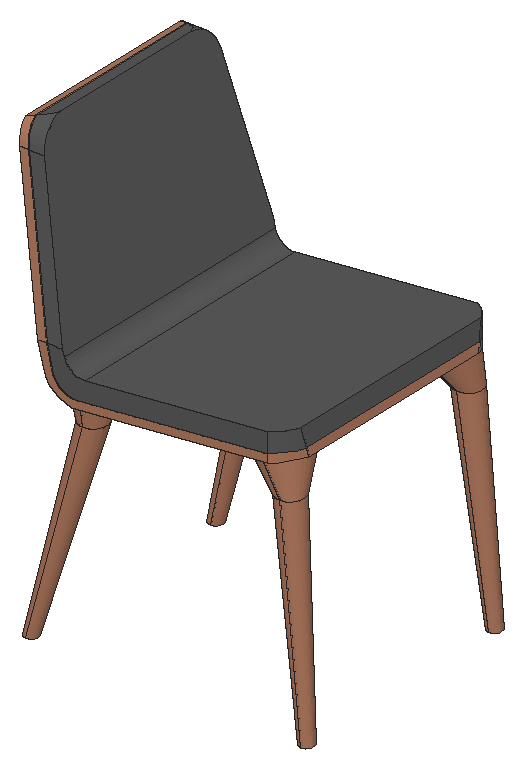
Revit family "Furniture_Chair_PIT 2 284.02", category Furniture, Revit 2019
Family settings
  OmniClass Number = 23.21.23.15.17
  Work Plane-Based = Yes
  Always vertical = No
  Cut with Voids When Loaded = No
  Shared = No
  Room Calculation Point = No
Parameters (values of type "PIT 2 284.02")
  Youtube clip = ""
  Uniformat II Description = "Movable Furnishings"
  Uniformat II Code = ""
  Uniclass 2015 Name = ""
  Uniclass 2015 Code = ""
  Uniclass 2.0 Description = ""
  Uniclass 2.0 Code = ""
  Uniclass 1.4 Description = ""
  Uniclass 1.4 Code = ""
  UNSPSC Code = ""
  Technical description = ""
  Shell Material = Leather - Black
  Frame Material = Wood - Oak Light Stain R 3.102
  Region South America = "All"
  Region Oceania = "All"
  Region North America = "All"
  Region Middle East = "All"
  Region Europe = "All"
  Region Asia = "All"
  Region Antarctica = "All"
  Region Africa = "All"
  QR code = "https://www.sandlerseating.com/product/pit-2-284-02/"
  Product url = "https://www.sandlerseating.com/product/pit-2-284-02/"
  Product name = "PIT 2 284.02"
  Product group = "Chair"
  Product family = "Furniture"
  Product data url = "https://www.sandlerseating.com/product/pit-2-284-02/"
  Product certification = ""
  Product SKU = "??"
  Product Guid = "??"
  OmniClass Description = ""
  OmniClass Code = "23-21 23 15 17"
  NBS Reference Description = ""
  NBS Reference Code = ""
  Model = "PIT 2 284.02"
  Masterformat 2014 Description = "Chair Mats"
  Masterformat 2014 Code = "12 48 43.13"
  Manufacturer name = "Sandler"
  Manufacturer country = "USA"
  Manufacturer = "Sandler"
  Installation instructions = ""
  IFC Classification = "Furnishing Element"
  GTIN code = ""
  Edition number = 1
  Design country = "Brasil"
  Description = "Chair"
  Default Elevation = 0.000 mm
  Date of publishing = ""
  COBIe Type Category = ""
  Brand url = "https://www.sandlerseating.com/"
  BIMobject main category code = "furniture"
  BIMobject main category = "Furniture"
  BIMobject category code = "furniture-chair"
  BIMobject category = "Chair"
Reference planes
  plane 1 "Center Front/Back": y = 0
  plane 2: z = 0
  plane 3 "Center Left/Right": x = 0
Dimensions and locks
  aligned and locked: level to plane 2
Nested families
  nested 1: "BS01 - Pit" at (0, 0, 0) x (0, 1, 0) z (0, 0, 1), Frame Material <- "Frame Material", type "BS01 - Pit"
    with Frame Material Wood - Oak Light Stain R 3.102
  nested 2: "TP03 - Pit" at (0, 0, -1.06) x (0, 1, 0) z (0, 0, 1), Seat Material <- "Shell Material", Frame Material <- "Frame Material", type "TP03 - Pit"
    with Seat Material Leather - Black, Frame Material Wood - Oak Light Stain R 3.102
Definition of nested family "BS01 - Pit"
  Parameters (values of type "BS01 - Pit")
    Frame Material [instance] = none
  Reference planes
    plane 1 "Center (Front/Back)": y = 0
    plane 2: z = 0
    plane 3 "Center (Left/Right)": x = 0
  Forms (mm)
    Blend 1, solid, material <- "Frame Material"
      base sketch origin (0, 0, 238.7) x (-1, 0, 0) y (0, -1, 0)
        loop
          circle (184.779, 198.046) r 52.633
      top sketch origin (0, 0, 238.7) x (-1, 0, 0) y (0, -1, 0)
        loop
          circle (203.545, 227.027) r 25
      from 225.744 to 153.836
    Blend 2, solid, material <- "Frame Material"
      base sketch origin (0, 0, 238.7) x (-1, 0, 0) y (0, -1, 0)
        loop
          circle (203.545, 227.027) r 25
      top sketch origin (0, 0, 238.7) x (-1, 0, 0) y (0, -1, 0)
        loop
          circle (215.456, 265.935) r 12.937
      from 153.836 to -238.7
    Blend 3, solid, material <- "Frame Material"
      base sketch origin (0, 0, 238.7) x (-1, 0, 0) y (0, -1, 0)
        loop
          circle (190.873, -139.965) r 44.198
      top sketch origin (0, 0, 238.7) x (-1, 0, 0) y (0, -1, 0)
        loop
          circle (195.202, -139.965) r 25
      from 225.778 to 141.3
    Blend 4, solid, material <- "Frame Material"
      base sketch origin (0, 0, 238.7) x (-1, 0, 0) y (0, -1, 0)
        loop
          circle (195.202, -139.965) r 25
      top sketch origin (0, 0, 238.7) x (-1, 0, 0) y (0, -1, 0)
        loop
          circle (211.725, -241.334) r 12.647
      from 141.3 to -238.7
    Blend 5, solid, material <- "Frame Material"
      base sketch origin (0, 0, 238.7) x (1, 0, 0) y (0, 1, 0)
        loop
          circle (184.779, -198.046) r 52.633
      top sketch origin (0, 0, 238.7) x (1, 0, 0) y (0, 1, 0)
        loop
          circle (203.545, -227.027) r 25
      from 225.744 to 153.836
    Blend 6, solid, material <- "Frame Material"
      base sketch origin (0, 0, 238.7) x (1, 0, 0) y (0, 1, 0)
        loop
          circle (203.545, -227.027) r 25
      top sketch origin (0, 0, 238.7) x (1, 0, 0) y (0, 1, 0)
        loop
          circle (215.456, -265.935) r 12.937
      from 153.836 to -238.7
    Blend 7, solid, material <- "Frame Material"
      base sketch origin (0, 0, 238.7) x (1, 0, 0) y (0, 1, 0)
        loop
          circle (190.873, 139.965) r 44.198
      top sketch origin (0, 0, 238.7) x (1, 0, 0) y (0, 1, 0)
        loop
          circle (195.202, 139.965) r 25
      from 225.778 to 141.3
    Blend 8, solid, material <- "Frame Material"
      base sketch origin (0, 0, 238.7) x (1, 0, 0) y (0, 1, 0)
        loop
          circle (195.202, 139.965) r 25
      top sketch origin (0, 0, 238.7) x (1, 0, 0) y (0, 1, 0)
        loop
          circle (211.725, 241.334) r 12.647
      from 141.3 to -238.7
  Dimensions and locks
    aligned and locked: level to plane 2
Definition of nested family "TP03 - Pit"
  Parameters (values of type "TP03 - Pit")
    Seat Material [instance] = none
    Frame Material [instance] = none
  Reference planes
    plane 1 "Center (Front/Back)": y = 0
    plane 2: z = 0
    plane 3 "Center (Left/Right)": x = 0
  Forms (mm)
    Extrusion 1, solid, material <- "Frame Material"
      sketch origin (0, 0, 0) x (0, 1, 0) y (0, 0, 1)
        loop
          line (278.647, 824.903) -> (264.032, 828.277) -> (181.312, 469.98)
          arc (181.312, 469.98) -> (163.668, 443.518) -> (132.935, 435.331) r 45
          line (132.935, 435.331) -> (-252.393, 474.32) -> (-253.903, 459.397) -> (131.425, 420.407)
          arc (131.425, 420.407) -> (172.402, 431.323) -> (195.928, 466.605) r 60
          line (195.928, 466.605) -> (278.647, 824.903)
      from -240.02 to 241.264
    Extrusion 2, void
      sketch origin (0, 0, 0) x (1, 0, 0) y (0, 0, 1)
        loop
          line (-240.02, 509.655) -> (-200.963, 787.558)
          arc (-200.963, 787.558) -> (-182.582, 821.412) -> (-146.498, 834.903) r 55
          line (-146.498, 834.903) -> (146.498, 834.903)
          arc (146.498, 834.903) -> (182.582, 821.412) -> (200.963, 787.558) r 55
          line (200.963, 787.558) -> (241.264, 515.271) -> (279.98, 515.271) -> (279.98, 849.655) -> (-280.02, 849.655) -> (-280.02, 509.655) -> (-240.02, 509.655)
      from -290.602 to -153.337
    Extrusion 3, void
      sketch origin (0, 0, 238.7) x (-1, 0, 0) y (0, -1, 0)
        loop
          line (-181.264, 271.453) -> (-254.591, 271.453) -> (-254.591, 193.903) -> (-247.928, 193.903)
          arc (-247.928, 193.903) -> (-224.139, 235.613) -> (-181.264, 257.23) r 83.196
          line (-181.264, 257.23) -> (-181.264, 271.453)
        loop
          line (181.264, 271.453) -> (181.264, 257.23)
          arc (181.264, 257.23) -> (224.139, 235.613) -> (247.928, 193.903) r 83.196
          line (247.928, 193.903) -> (254.591, 193.903) -> (254.591, 271.453) -> (181.264, 271.453)
      from 200.511 to 276.571
    Extrusion 4, solid, material <- "Seat Material"
      sketch origin (0, 0, 0) x (0, 1, 0) y (0, 0, 1)
        loop
          line (-248.817, 509.655) -> (-252.393, 474.32) -> (132.935, 435.331)
          arc (132.935, 435.331) -> (163.668, 443.518) -> (181.312, 469.98) r 45
          line (181.312, 469.98) -> (264.032, 828.277) -> (235.331, 834.903) -> (157.842, 499.264)
          arc (157.842, 499.264) -> (144.119, 478.682) -> (120.216, 472.315) r 35
          line (120.216, 472.315) -> (-248.817, 509.655)
      from -240.02 to 241.264
    Extrusion 5, void
      sketch origin (0, 0, 0) x (1, 0, 0) y (0, 0, 1)
        loop
          line (-240.02, 509.655) -> (-200.963, 787.558)
          arc (-200.963, 787.558) -> (-182.582, 821.412) -> (-146.498, 834.903) r 55
          line (-146.498, 834.903) -> (146.498, 834.903)
          arc (146.498, 834.903) -> (182.582, 821.412) -> (200.963, 787.558) r 55
          line (200.963, 787.558) -> (241.264, 515.271) -> (279.98, 515.271) -> (279.98, 849.655) -> (-280.02, 849.655) -> (-280.02, 509.655) -> (-240.02, 509.655)
      from -290.602 to -153.337
    Extrusion 6, void
      sketch origin (0, 0, 0) x (-1, 0, 0) y (0, -1, 0)
        loop
          line (-181.264, 271.453) -> (-254.591, 271.453) -> (-254.591, 193.903) -> (-247.928, 193.903)
          arc (-247.928, 193.903) -> (-224.139, 235.613) -> (-181.264, 257.23) r 83.196
          line (-181.264, 257.23) -> (-181.264, 271.453)
        loop
          line (181.264, 271.453) -> (181.264, 257.23)
          arc (181.264, 257.23) -> (224.139, 235.613) -> (247.928, 193.903) r 83.196
          line (247.928, 193.903) -> (254.591, 193.903) -> (254.591, 271.453) -> (181.264, 271.453)
      from 200.511 to 515.271
  Cuts and joins
    Extrusion 2, Extrusion 3, Extrusion 5, Extrusion 6 cuts Extrusion 1
    Extrusion 5, Extrusion 6 cuts Extrusion 4
  Dimensions and locks
    aligned and locked: level to plane 2
